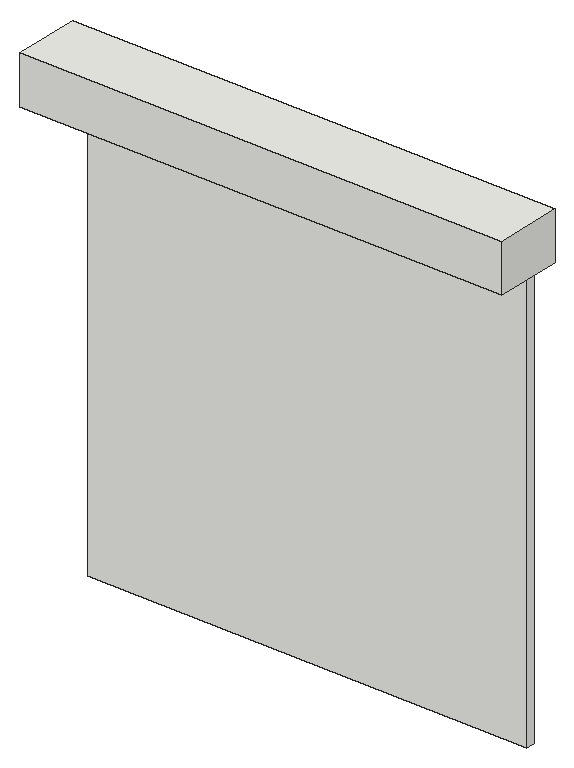
Revit family "M_Porta-Rolante-Pendurada", category Portas, Revit 2019
Family settings
  Hospedeiro = Parede
  Número OmniClass = 23.30.10.17.27
  Título OmniClass = Coiling Doors
  Sempre na vertical = Sim
  Corte com vazios quando carregada = Não
  Compartilhado = Não
  Ponto de cálculo do ambiente = Não
Parameters (values of type "4200 x 4200mm")
  Visual Light Transmittance = 0
  Espessura = 80 mm
  Solar Heat Gain Coefficient = 0
  Rough Width [instance] = Width  # 4200 mm
  Rough Height [instance] = Height  # 4200 mm
  Material da peça deslizante = Aço, acabamento de pintura, marfim, fosco
  Material da caixa deslizante = Aço, acabamento de pintura, marfim, fosco
  ID do tipo de construção = "MDOOR"
  Coeficiente de transferência de calor (U) = 3.7021 W/(m²·K)
  Função = Exterior
  Código de montagem = "B2030400"
  Height [instance] = 4200 mm
  Fechamento da parede = Por hospedeiro
  Width [instance] = 4200 mm
  Construção analítica = "Metal"
Reference planes
  plane 1 "Centro(frente/trás)": y = 0
  plane 2: z = 0
  plane 3 "Centro (Esquerda/Direita)": x = 0
  plane 4 "Esquerda": x = -2100
  plane 5 "Direita": x = 2100
  plane 6 "Superior": z = 4200
  plane 7: z = 4657.2
  plane 8: x = -2303.2
  plane 9: x = 2303.2
Forms (mm)
  Extrusion 1, solid, material "Aço, acabamento de pintura, marfim, fosco" <- "Material da peça deslizante"
    sketch origin (0, 0, 0) x (1, 0, 0) y (0, 1, 0)
      loop
        line (-2100, -76.2) -> (-2100, -156.2) -> (2100, -156.2) -> (2100, -76.2) -> (-2100, -76.2)
    from 0 to 4200
  Extrusion 2, solid, material "Aço, acabamento de pintura, marfim, fosco" <- "Material da caixa deslizante"
    sketch origin (-2100, -156.2, 4200) x (0, 0, -1) y (1, 0, 0)
      loop
        line (-457.2, -203.2) -> (0, -203.2) -> (0, 4403.2) -> (-457.2, 4403.2) -> (-457.2, -203.2)
    from -80 to 558.8
Lines and regions (mm)
  Opening 1
    outline origin (-3302, -76.2, 0) x (1, 0, 0) y (0, 0, 1)
      loop
        line (1202, 0) -> (5402, 0) -> (5402, 4200) -> (1202, 4200) -> (1202, 0)
  Masking region 1
    outline origin (0, 0, 0) x (1, 0, 0) y (0, 1, 0)
      loop
        line (-2100, -76.2) -> (-2100, -156.2) -> (2100, -156.2) -> (2100, -76.2) -> (-2100, -76.2)
  model lines, style "Peça deslizante"
    curve 1: line (2100, -76.2, 0) -> (-2100, -76.2, 0)
    curve 2: line (2100, -76.2, 3900) -> (-2100, -76.2, 3900)
    curve 3: line (-2100, -76.2, 3600) -> (2100, -76.2, 3600)
    curve 4: line (-2100, -76.2, 3300) -> (2100, -76.2, 3300)
    curve 5: line (-2100, -76.2, 3000) -> (2100, -76.2, 3000)
    curve 6: line (-2100, -76.2, 2700) -> (2100, -76.2, 2700)
    curve 7: line (-2100, -76.2, 2400) -> (2100, -76.2, 2400)
    curve 8: line (-2100, -76.2, 2100) -> (2100, -76.2, 2100)
    curve 9: line (-2100, -76.2, 1800) -> (2100, -76.2, 1800)
    curve 10: line (-2100, -76.2, 1500) -> (2100, -76.2, 1500)
    curve 11: line (-2100, -76.2, 1200) -> (2100, -76.2, 1200)
    curve 12: line (-2100, -76.2, 900) -> (2100, -76.2, 900)
    curve 13: line (-2100, -76.2, 600) -> (2100, -76.2, 600)
    curve 14: line (-2100, -76.2, 300) -> (2100, -76.2, 300)
  symbolic lines, style "DoorsHiddenLines"
    curve 15: line (-2303.2, -76.2, 0) -> (-2303.2, -715, 0)
    curve 16: line (-2303.2, -715, 0) -> (2303.2, -715, 0)
    curve 17: line (2303.2, -76.2, 0) -> (2303.2, -715, 0)
Text (mm)
  text "Exterior" at (-1820.925, 1040.225, 0), in view "Nível de referência"
  text "Exterior" at (0, 888.654, 3134.195), in view "Direita"
Dimensions and locks
  equal spacing: plane 4 "Esquerda", plane 3 "Centro (Esquerda/Direita)", plane 5 "Direita"
  "Width": plane 4 "Esquerda" to plane 5 "Direita"
  "Height": plane 2 to plane 6 "Superior"
  "Espessura": Extrusion 1 sketch curve to Extrusion 1 sketch curve
  locked: plane 8 to plane 4 "Esquerda" at 203.2
  locked: plane 5 "Direita" to plane 9 at 203.2
  locked: plane 7 to plane 6 "Superior" at 457.2
  equal spacing: host wall, curve 14, curve 13, curve 12, curve 11, curve 10, curve 9, curve 8, curve 7, curve 6, curve 5, curve 4, curve 3, curve 2, plane 6 "Superior"
  host wall to host wall = 6146.8 mm
  aligned and locked: plane 4 "Esquerda" to Opening 1 sketch curve
  aligned and locked: plane 6 "Superior" to Opening 1 sketch curve
  aligned and locked: Opening 1 sketch curve to plane 6 "Superior"
  aligned and locked: Opening 1 sketch curve to plane 5 "Direita"
  aligned and locked: Opening 1 sketch curve to level
  aligned and locked: host wall to Extrusion 1 sketch curve
  aligned and locked: plane 5 "Direita" to curve 1
  aligned and locked: plane 4 "Esquerda" to curve 1
  aligned and locked: Extrusion 1 to level
  aligned and locked: Extrusion 1 to host wall
  aligned and locked: Extrusion 2 sketch curve to plane 8
  aligned and locked: Extrusion 2 sketch curve to plane 7
  aligned and locked: plane 6 "Superior" to Extrusion 2 sketch curve
  aligned and locked: Extrusion 2 sketch curve to plane 9
  aligned and locked: Extrusion 1 to curve 2
  aligned and locked: curve 2 to Extrusion 1
  aligned and locked: plane 4 "Esquerda" to curve 3
  aligned and locked: plane 5 "Direita" to curve 3
  aligned and locked: plane 4 "Esquerda" to curve 4
  aligned and locked: Extrusion 1 to curve 4
  aligned and locked: curve 5 to Extrusion 1
  aligned and locked: Extrusion 1 to curve 5
  aligned and locked: curve 6 to Extrusion 1
  aligned and locked: Extrusion 1 to curve 6
  aligned and locked: plane 4 "Esquerda" to curve 7
  aligned and locked: Extrusion 1 to curve 7
  aligned and locked: plane 4 "Esquerda" to curve 8
  aligned and locked: Extrusion 1 to curve 8
  aligned and locked: plane 4 "Esquerda" to curve 9
  aligned and locked: plane 5 "Direita" to curve 9
  aligned and locked: plane 4 "Esquerda" to curve 10
  aligned and locked: Extrusion 1 to curve 10
  aligned and locked: curve 11 to Extrusion 1
  aligned and locked: Extrusion 1 to curve 11
  aligned and locked: curve 12 to Extrusion 1
  aligned and locked: Extrusion 1 to curve 12
  aligned and locked: plane 4 "Esquerda" to curve 13
  aligned and locked: plane 5 "Direita" to curve 13
  aligned and locked: plane 4 "Esquerda" to curve 14
  aligned and locked: plane 5 "Direita" to curve 14
  aligned and locked: curve 17 to Extrusion 2  (x2)
  aligned and locked: level to plane 2
  aligned and locked: Masking region 1 sketch curve to plane 4 "Esquerda"
  aligned and locked: plane 5 "Direita" to Masking region 1 sketch curve
  aligned and locked: Masking region 1 sketch curve to Extrusion 1
  aligned and locked: plane 8 to curve 15
  aligned and locked: Masking region 1 to Extrusion 1
  aligned and locked: Extrusion 2 to host wall
Automatic sketch dimensions
  Extrusion 1 sketch curve to plane 4 "Esquerda" = 0 mm
  Extrusion 1 sketch curve to plane 5 "Direita" = 0 mm
  curve 1 to level = 0 mm
  host wall to curve 17 = 0 mm
  host wall to curve 15 = 0 mm
  host wall to Masking region 1 sketch curve = 80 mm
